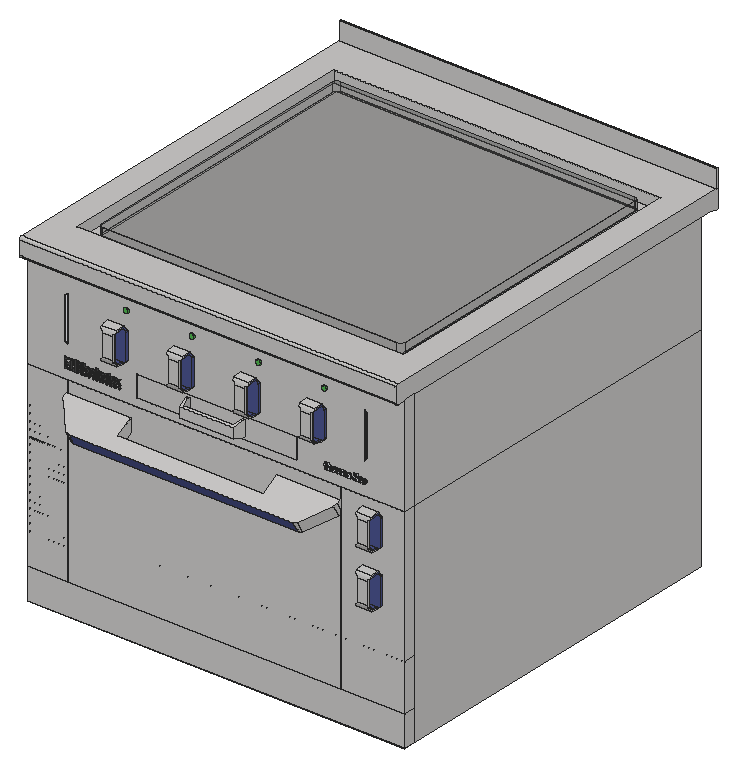
Revit family "QF_ELECTROLUXPROFESSIONAL_588694_MBLLGBH8AO", category Attrezzature speciali, Revit 2020
Family settings
  Quota connettore circolare = Usa diametro
  Tipo di parte = Normale
  Basato su piano di lavoro = No
  Sempre verticale = Sì
  Taglio con vuoti quando caricato = No
  Condiviso = No
  Punto di calcolo locali = No
Parameters (values of type "Standard")
  Weight = 223.00 kg
  Watts = 17300 W
  Volts = 400 V
  URL Manufacturer = "https://www.electroluxprofessional.com/"
  URL = "https://www.electroluxprofessional.com/"
  Steam Supply Size = 0"
  Steam Supply Minimum Pressure = 0.00 psi
  Steam Supply Maximum Pressure = 0.00 psi
  Steam Consumption per Hour = 0
  Refrigeration Suction Line Size = 0 mm
  Refrigeration Liquid Line Size = 0 mm
  Refrigerant Compressor Remote = yes
  Prospetto di default = 0 mm
  Phase = 3
  Modello = "MBLLGBH8AO"
  Produttore = "Electrolux Professional"
  Length Actual = 800 mm  # constant formula
  Item Number = "588694"
  Hot Water Size = 0"
  Height Actual = 700 mm  # constant formula
  HP = "23.2 HP"
  Gas Size = 0"
  Gas KW = 0
  Gas Input Pressure = 0.0 Btu/h
  Direct Waste Size = 0"
  Descrizione = "EL.SOLID TOP,ST.OVEN,1S,BS,800X850X700H"
  Depth Actual = 850 mm  # constant formula
  Cycle = 50 Hz
  Condensate Return Size = 0"
  Compressed Air Volume = 0 GPM
  Compressed Air Size = 0"
  Compressed Air Pressure = 0.00 psi
  Cold Water Size = 0"
  Accessory = yes
Reference planes
  plane 1 "BACK": y = 50
  plane 2: z = 0
  plane 3 "LEFT": x = 0
  plane 4 "RIGHT": x = 800
  plane 5 "FRONT": y = -800
  plane 6 "TOP": z = 900
  plane 7 "Center (Left/Right)": x = 400
  plane 8: y = -375
  plane 9: z = 200
  plane 10: y = -150
  plane 11 "Panel": y = -755
  plane 12: z = 798
  plane 13: z = 1327
  plane 14: x = 78
  plane 15: x = 722
  plane 16: y = -100
  plane 17: y = -600
  plane 18 "EIx": x = 755
  plane 19 "EIy": y = -585
Forms (mm)
  Extrusion 1, solid, material "QF_Finishes_Stainless Steel"
    sketch origin (-178.969, -4572, 200) x (-1, 0, 0) y (0, -1, 0)
      loop
        line (-178.969, -4577) -> (-178.969, -3817) -> (-978.969, -3817) -> (-978.969, -4577) -> (-178.969, -4577)
    from 450 to 662.969
  Extrusion 2, solid, material "QF_Finishes_Stainless Steel"
    sketch origin (0, 0, 0) x (0, 1, 0) y (0, 0, 1)
      loop
        line (-755, 200) -> (-755, 365) -> (-780, 365) -> (-780, 200) -> (-755, 200)
    from 0 to 800
  Extrusion 3, solid, material "QF_Finishes_Stainless Steel"
    sketch origin (-588.969, -4562, 200) x (-1, 0, 0) y (0, -1, 0)
      loop
        circle (-1343.969, -3977) r 6.35
    from 0 to -11.851
  Extrusion 4, solid, material "QF_Finishes_Stainless Steel"
    sketch origin (400, 296.4, 1219.2) x (0, 1, 0) y (0, 0, 1)
      loop
        line (-246.4, -319.2) -> (-1091.4, -319.2)
        arc (-1091.4, -319.2) -> (-1094.935, -320.664) -> (-1096.4, -324.2) r 5
        line (-1096.4, -324.2) -> (-1096.4, -355.2)
        arc (-1096.4, -355.2) -> (-1094.971, -358.264) -> (-1091.705, -359.139) r 4
        line (-1091.705, -359.139) -> (-1076.4, -356.231) -> (-266.4, -356.231) -> (-251.094, -359.139)
        arc (-251.094, -359.139) -> (-247.829, -358.264) -> (-246.4, -355.2) r 4
        line (-246.4, -355.2) -> (-246.4, -319.2)
    from -400 to 400
  Extrusion 5, solid, material "QF_Finishes_Electrolux_Black Smoke Iluminated"
    sketch origin (0, 0, 900) x (-1, 0, 0) y (0, -1, 0)
      loop
        arc (-88, 59) -> (-80.929, 61.929) -> (-78, 69) r 10
        line (-78, 69) -> (-78, 680)
        arc (-78, 680) -> (-80.929, 687.071) -> (-88, 690) r 10
        line (-88, 690) -> (-712, 690)
        arc (-712, 690) -> (-719.071, 687.071) -> (-722, 680) r 10
        line (-722, 680) -> (-722, 69)
        arc (-722, 69) -> (-719.071, 61.929) -> (-712, 59) r 10
        line (-712, 59) -> (-88, 59)
    from 0 to -20
  Extrusion 6, solid, material "QF_Finishes_Stainless Steel"
    sketch origin (-178.969, -4572, 200) x (-1, 0, 0) y (0, -1, 0)
      loop
        line (-178.969, -4577) -> (-178.969, -3817) -> (-978.969, -3817) -> (-978.969, -4577) -> (-178.969, -4577)
    from 450 to 0
  Extrusion 7, void
    sketch origin (0, 0, 900) x (-1, 0, 0) y (0, -1, 0)
      loop
        line (-53, 715) -> (-747, 715) -> (-747, 34) -> (-53, 34) -> (-53, 715)
    from 0 to -25
  Extrusion 8, solid, material "QF_Finishes_Stainless Steel"
    sketch origin (0, 0, 900) x (-1, 0, 0) y (0, -1, 0)
      loop
        line (-82, 63) -> (-82, 686) -> (-718, 686) -> (-718, 63) -> (-82, 63)
    from -20 to -25
  Extrusion 9, solid, material "QF_Finishes_Stainless Steel"
    sketch origin (400, 296.4, 1219.2) x (0, 1, 0) y (0, 0, 1)
      loop
        line (-249.4, -319.2) -> (-246.4, -319.2) -> (-246.4, -281.2) -> (-249.4, -281.2) -> (-249.4, -319.2)
    from -400 to 400
  Extrusion 10, solid, material "QF_Finishes_Stainless Steel"
    sketch origin (0, 0, 150) x (0, 1, 0) y (0, 0, 1)
      loop
        line (-755, 50) -> (-755, 115) -> (-780, 115) -> (-780, 50) -> (-755, 50)
    from 0 to 800
Cuts and joins
  Extrusion 7 cuts Extrusion 4
Lines and regions (mm)
  symbolic lines
    curve 1: line (0, 50, 200) -> (800, 50, 200)
    curve 2: line (0, -800, 200) -> (0, 50, 200)
    curve 3: line (800, -800, 200) -> (0, -800, 200)
    curve 4: line (800, 50, 200) -> (800, -800, 200)
    curve 5: line (712, -59, 200) -> (88, -59, 200)
    curve 6: line (78, -69, 200) -> (78, -680, 200)
    curve 7: line (88, -690, 200) -> (712, -690, 200)
    curve 8: line (722, -680, 200) -> (722, -69, 200)
    curve 9: arc (88, -59, 200) -> (80.929, -61.929, 200) -> (78, -69, 200) r 10
    curve 10: arc (722, -69, 200) -> (719.071, -61.929, 200) -> (712, -59, 200) r 10
    curve 11: arc (712, -690, 200) -> (719.071, -687.071, 200) -> (722, -680, 200) r 10
    curve 12: arc (78, -680, 200) -> (80.929, -687.071, 200) -> (88, -690, 200) r 10
    curve 13: line (747, -34, 900) -> (53, -34, 900)
    curve 14: line (53, -34, 900) -> (53, -715, 900)
    curve 15: line (747, -715, 900) -> (747, -34, 900)
    curve 16: line (53, -715, 900) -> (747, -715, 900)
    curve 33: line (0, 47, 0) -> (800, 47, 0)
  model lines, style "SpecialityEquipment"
    curve 17: arc (584, -161, 900) -> (530.967, -289.033, 900) -> (659, -236, 900) r 75
    curve 18: line (639, -236, 900) -> (679, -236, 900)
    curve 19: line (679, -236, 900) -> (659, -216, 900)
    curve 20: line (639, -236, 900) -> (659, -216, 900)
    curve 21: arc (216, -161, 900) -> (162.967, -289.033, 900) -> (291, -236, 900) r 75
    curve 22: line (271, -236, 900) -> (311, -236, 900)
    curve 23: line (311, -236, 900) -> (291, -216, 900)
    curve 24: line (271, -236, 900) -> (291, -216, 900)
    curve 25: arc (584, -489, 900) -> (530.967, -617.033, 900) -> (659, -564, 900) r 75
    curve 26: line (639, -564, 900) -> (679, -564, 900)
    curve 27: line (679, -564, 900) -> (659, -544, 900)
    curve 28: line (639, -564, 900) -> (659, -544, 900)
    curve 29: arc (216, -489, 900) -> (162.967, -617.033, 900) -> (291, -564, 900) r 75
    curve 30: line (271, -564, 900) -> (311, -564, 900)
    curve 31: line (311, -564, 900) -> (291, -544, 900)
    curve 32: line (271, -564, 900) -> (291, -544, 900)
Dimensions and locks
  plane 3 "LEFT" to plane 4 "RIGHT" = 800 mm
  plane 5 "FRONT" to plane 1 "BACK" = 850 mm
  equal spacing: plane 3 "LEFT", plane 7 "Center (Left/Right)", plane 4 "RIGHT"
  equal spacing: plane 5 "FRONT", plane 8, plane 1 "BACK"
  plane 6 "TOP" to level = 900 mm  (x2)
  plane 9 to level = 200 mm
  plane 1 "BACK" to plane 10 to plane 11 "Panel" = 200 mm, 605 mm  (x2)
  plane 6 "TOP" to plane 9 to level = 700 mm, 200 mm
  plane 1 "BACK" to plane 5 "FRONT" = 850 mm
  plane 1 "BACK" to Extrusion 3 = 635 mm
  plane 12 to plane 9 = 598 mm
  plane 13 to plane 6 "TOP" = 427 mm
  plane 6 "TOP" to plane 12 = 102 mm
  plane 14 to plane 3 "LEFT" = 78 mm
  plane 15 to plane 4 "RIGHT" = 78 mm
  locked: plane 1 "BACK" to plane 16 at 150
  locked: plane 16 to plane 17 at 500
  plane 11 "Panel" to plane 5 "FRONT" = 45 mm
  plane 18 "EIx" to plane 4 "RIGHT" = 45 mm
  plane 19 "EIy" to plane 1 "BACK" = 635 mm
  aligned and locked: level to plane 2
  aligned and locked: Extrusion 2 to plane 4 "RIGHT"
  aligned and locked: plane 3 "LEFT" to nested 1
  aligned and locked: nested 1 to nested 4
Automatic sketch dimensions
  Extrusion 3 sketch curve to plane 18 "EIx" = 0 mm
  Extrusion 3 sketch curve to plane 19 "EIy" = 0 mm
  Extrusion 4 sketch curve to plane 5 "FRONT" = 0 mm
  Extrusion 4 sketch curve to plane 6 "TOP" = 0 mm
  Extrusion 4 sketch curve to plane 1 "BACK" = 0 mm
  Extrusion 4 sketch curve to plane 5 "FRONT" = 4 mm
  Extrusion 4 sketch curve to Extrusion 4 sketch curve = 0.695 mm
  Extrusion 4 sketch curve to plane 5 "FRONT" = 5 mm
  Extrusion 4 sketch curve to Extrusion 4 sketch curve = 15.305 mm
  plane 1 "BACK" to Extrusion 4 sketch curve = 20 mm
  plane 1 "BACK" to Extrusion 4 sketch curve = 4.695 mm
  Extrusion 4 sketch curve to Extrusion 4 sketch curve = 4 mm
  Extrusion 4 sketch curve to Extrusion 4 sketch curve = 31 mm
  Extrusion 4 sketch curve to plane 6 "TOP" = 36 mm
  Extrusion 4 sketch curve to Extrusion 4 sketch curve = 2.909 mm
  Extrusion 5 sketch curve to plane 15 = 0 mm
  Extrusion 5 sketch curve to plane 14 = 0 mm
  plane 15 to Extrusion 5 sketch curve = 10 mm  (x2)
  Extrusion 5 sketch curve to Extrusion 5 sketch curve = 10 mm  (x2)
  plane 10 to Extrusion 5 sketch curve = 91 mm
  plane 17 to Extrusion 5 sketch curve = 80 mm
  plane 18 "EIx" to Extrusion 7 sketch curve = 8 mm
  plane 14 to Extrusion 7 sketch curve = 25 mm
  plane 10 to Extrusion 7 sketch curve = 116 mm
  plane 11 "Panel" to Extrusion 7 sketch curve = 40 mm
  Extrusion 8 sketch curve to plane 14 = 4 mm
  plane 15 to Extrusion 8 sketch curve = 4 mm
  plane 17 to Extrusion 8 sketch curve = 86 mm
  plane 10 to Extrusion 8 sketch curve = 87 mm
  curve 20 to curve 17 = 55 mm
  curve 26 to curve 25 = 55 mm
  curve 19 to curve 18 = 20 mm
  curve 26 to curve 27 = 20 mm
  curve 18 to curve 19 = 20 mm
  plane 18 "EIx" to curve 13 = 8 mm
  curve 31 to plane 7 "Center (Left/Right)" = 89 mm
  curve 23 to plane 7 "Center (Left/Right)" = 89 mm
  curve 22 to curve 24 = 20 mm
  curve 30 to curve 31 = 20 mm
  curve 23 to curve 22 = 20 mm
  curve 31 to curve 30 = 20 mm
  curve 22 to curve 21 = 55 mm
  curve 30 to curve 29 = 55 mm
  plane 14 to curve 14 = 25 mm
  plane 10 to curve 13 = 116 mm
  plane 11 "Panel" to curve 16 = 40 mm
  curve 29 to curve 30 = 20 mm
  curve 27 to curve 26 = 40 mm
  curve 25 to curve 26 = 20 mm
  plane 15 to curve 19 = 43 mm
  curve 17 to curve 18 = 20 mm
  curve 21 to curve 22 = 20 mm
  Extrusion 9 sketch curve to plane 6 "TOP" = 0 mm
  Extrusion 9 sketch curve to plane 1 "BACK" = 0 mm
  Extrusion 9 sketch curve to Extrusion 9 sketch curve = 3 mm
  Extrusion 9 sketch curve to Extrusion 9 sketch curve = 38 mm
  plane 19 "EIy" to curve 27 = 21 mm
  plane 15 to curve 27 = 43 mm
  curve 23 to plane 10 = 66 mm
  curve 19 to plane 10 = 66 mm
  plane 19 "EIy" to curve 32 = 41 mm
  Extrusion 1 sketch curve to plane 4 "RIGHT" = 0 mm
  Extrusion 1 sketch curve to plane 3 "LEFT" = 0 mm
  Extrusion 1 sketch curve to plane 11 "Panel" = 0 mm
  plane 1 "BACK" to Extrusion 1 sketch curve = 45 mm
  Extrusion 2 sketch curve to plane 9 = 0 mm
  Extrusion 2 sketch curve to plane 11 "Panel" = 0 mm
  Extrusion 2 sketch curve to plane 5 "FRONT" = 20 mm
  plane 9 to Extrusion 2 sketch curve = 165 mm
  plane 1 "BACK" to curve 1 = 0 mm
  curve 1 to plane 4 "RIGHT" = 0 mm
  curve 8 to plane 15 = 0 mm
  curve 6 to plane 14 = 0 mm
  curve 2 to plane 3 "LEFT" = 0 mm
  plane 5 "FRONT" to curve 3 = 0 mm
  plane 15 to curve 5 = 10 mm
  curve 11 to curve 11 = 10 mm
  curve 5 to plane 14 = 10 mm
  curve 12 to curve 6 = 10 mm
  plane 10 to curve 5 = 91 mm
  plane 17 to curve 11 = 80 mm
  Extrusion 6 sketch curve to plane 4 "RIGHT" = 0 mm
  Extrusion 6 sketch curve to plane 3 "LEFT" = 0 mm
  Extrusion 6 sketch curve to plane 11 "Panel" = 0 mm
  plane 1 "BACK" to Extrusion 6 sketch curve = 45 mm
  Extrusion 10 sketch curve to plane 11 "Panel" = 0 mm
  Extrusion 10 sketch curve to plane 5 "FRONT" = 20 mm
  plane 9 to Extrusion 10 sketch curve = 0 mm
  Extrusion 10 sketch curve to Extrusion 10 sketch curve = 65 mm
  radius of Extrusion 3 sketch curve = 6.35 mm
Nested families
  nested 1: "Door_Panel_W800_Fori" at (300, -755, 0), type "Door_Panel_W800_Fori"
  nested 2: "FIT Range Control Handle" at (730, -783.167, -372.751), type "FIT Range Control Handle"
  nested 3: "FIT Range Control Handle" at (730, -783.167, -484.751), type "FIT Range Control Handle"
  nested 4: "Front_Panel_W800_Four Knobs_Spie" at (202.376, -755, 0), type "Front_Panel_W800_Four Knobs_Spie"
Connectors
  electrical at (755, -585, 188.149)
    settings: on Extrusion 3, index 1, voltage 400 V, apparent load 33000 VA, apparent load phase1 0 VA, apparent load phase2 0 VA, apparent load phase3 0 VA, power factor 1, load classification "Other", number of poles 1, system type 30, power factor state 1, is connector primary yes, connector utility no, sub classification motor no, connector description "ELECTRICAL CONNECTION"
Definition of nested family "Door_Panel_W800_Fori"
  Parameters
    Default Elevation = 0 mm
  Reference planes
    plane 1 "Center (Front/Back)": y = 0
    plane 2 "Ref. Level": z = 0
    plane 3: x = 500
    plane 4: x = -300
    plane 5 "Center (Left/Right)": x = 100
    plane 6: x = -215
    plane 7: x = 365
    plane 8 "Manopola": through (-6096, -50.059, 612.389) normal (0, -0.515, 0.8572)
    plane 9 "Top": z = 650
    plane 10: z = 265
    plane 11: z = 200
  Forms (mm)
    Extrusion 1, solid
      sketch origin (100, 0, 0) x (0, 1, 0) y (0, 0, 1)
        loop
          line (-25.03, 650) -> (-25.03, 265) -> (0, 265) -> (0, 650) -> (-25.03, 650)
      from 265 to 400
    Extrusion 2, solid
      sketch origin (100, 0, 0) x (0, 1, 0) y (0, 0, 1)
        loop
          line (-25.03, 650) -> (-25.03, 265) -> (0, 265) -> (0, 650) -> (-25.03, 650)
      from -400 to -315
    Extrusion 3, solid
      sketch origin (100, 0, 0) x (0, 1, 0) y (0, 0, 1)
        loop
          line (-25.03, 650) -> (-25.03, 265) -> (0, 265) -> (0, 650) -> (-25.03, 650)
      from -315 to 265
    Extrusion 4, solid
      sketch origin (0, -283.633, 472.044) x (0, 0.857167, 0.515038) y (-1, 0, 0)
        loop
          line (299.12, -365) -> (299.12, 215) -> (290.982, 215)
          arc (290.982, 215) -> (286.677, 214.026) -> (283.211, 211.293) r 10
          line (283.211, 211.293) -> (233.28, 170.86)
          arc (233.28, 170.86) -> (230.548, 167.394) -> (229.574, 163.089) r 10
          line (229.574, 163.089) -> (229.574, -313.089)
          arc (229.574, -313.089) -> (230.548, -317.394) -> (233.28, -320.86) r 10
          line (233.28, -320.86) -> (283.211, -361.293)
          arc (283.211, -361.293) -> (286.677, -364.026) -> (290.982, -365) r 10
          line (290.982, -365) -> (299.12, -365)
      from -27 to 0
    Extrusion 5, void
      sketch origin (100, 0, 0) x (0, 1, 0) y (0, 0, 1)
        loop
          line (-61.514, 605.507) -> (-47.608, 582.363) -> (-25.03, 595.93) -> (-25.03, 627.429) -> (-61.514, 605.507)
      from -180 to 130
    Extrusion 6, solid, detail levels coarse
      sketch origin (100, 0, 0) x (0, 1, 0) y (0, 0, 1)
        loop
          line (-25.03, 265) -> (-25.03, 650)
          arc (-25.03, 650) -> (-297.266, 537.236) -> (-410.03, 265) r 385
          line (-410.03, 265) -> (-25.03, 265)
      from -315 to 265
    Extrusion 7, void
      sketch origin (0, 0, 0) x (1, 0, 0) y (0, 0, 1)
        loop
          line (-295, 573.713) -> (-295, 571.713) -> (-222, 571.713) -> (-222, 573.713) -> (-295, 573.713)
        loop
          line (-295, 558.713) -> (-295, 556.713) -> (-222, 556.713) -> (-222, 558.713) -> (-295, 558.713)
        loop
          line (-295, 543.713) -> (-295, 541.713) -> (-222, 541.713) -> (-222, 543.713) -> (-295, 543.713)
        loop
          line (-295, 528.713) -> (-295, 526.713) -> (-222, 526.713) -> (-222, 528.713) -> (-295, 528.713)
        loop
          line (-295, 513.713) -> (-295, 511.713) -> (-222, 511.713) -> (-222, 513.713) -> (-295, 513.713)
        loop
          line (-295, 498.713) -> (-295, 496.713) -> (-222, 496.713) -> (-222, 498.713) -> (-295, 498.713)
        loop
          line (-295, 483.713) -> (-295, 481.713) -> (-222, 481.713) -> (-222, 483.713) -> (-295, 483.713)
        loop
          line (-295, 468.713) -> (-295, 466.713) -> (-222, 466.713) -> (-222, 468.713) -> (-295, 468.713)
        loop
          line (-295, 453.713) -> (-295, 451.713) -> (-222, 451.713) -> (-222, 453.713) -> (-295, 453.713)
        loop
          line (-295, 438.713) -> (-295, 436.713) -> (-222, 436.713) -> (-222, 438.713) -> (-295, 438.713)
        loop
          line (-295, 423.713) -> (-295, 421.713) -> (-222, 421.713) -> (-222, 423.713) -> (-295, 423.713)
        loop
          line (-295, 408.713) -> (-295, 406.713) -> (-222, 406.713) -> (-222, 408.713) -> (-295, 408.713)
        loop
          line (-295, 393.713) -> (-295, 391.713) -> (-222, 391.713) -> (-222, 393.713) -> (-295, 393.713)
        loop
          line (-295, 378.713) -> (-295, 376.713) -> (-222, 376.713) -> (-222, 378.713) -> (-295, 378.713)
        loop
          line (-295, 363.713) -> (-295, 361.713) -> (-222, 361.713) -> (-222, 363.713) -> (-295, 363.713)
        loop
          line (-295, 348.713) -> (-295, 346.713) -> (-222, 346.713) -> (-222, 348.713) -> (-295, 348.713)
        loop
          line (-295, 333.713) -> (-295, 331.713) -> (-222, 331.713) -> (-222, 333.713) -> (-295, 333.713)
      from 25.03 to 20
  Cuts and joins
    Extrusion 5 cuts Extrusion 4
    joined: Extrusion 3, Extrusion 4
    Extrusion 7 cuts Extrusion 2
  Lines and regions (mm)
    symbolic lines
      curve 1: line (-207.355, -45.043, 0) -> (-170.86, -83.673, 0)
      curve 2: line (-163.089, -86.85, 0) -> (313.089, -86.85, 0)
      curve 3: line (320.86, -83.673, 0) -> (357.355, -45.043, 0)
      curve 4: arc (-163.089, -86.85, 0) -> (-167.318, -86.101, 0) -> (-170.86, -83.673, 0) r 10.165
      curve 5: arc (313.089, -86.85, 0) -> (317.318, -86.101, 0) -> (320.86, -83.673, 0) r 10.165
      curve 6: line (-215, -45.043, 0) -> (-215, -410.03, 0)
      curve 7: line (-215, -410.03, 0) -> (365, -410.03, 0)
      curve 8: line (365, -410.03, 0) -> (365, -45.03, 0)
  Dimensions and locks
    plane 3 to plane 4 = 800 mm
    plane 4 to plane 3 = 800 mm
    equal spacing: plane 3, plane 5 "Center (Left/Right)", plane 4
    plane 6 to plane 4 = 85 mm
    plane 3 to plane 7 = 135 mm
    plane 11 to level = 200 mm
    plane 10 to plane 11 = 65 mm
    plane 10 to plane 9 "Top" = 385 mm
    plane 9 "Top" to plane 11 = 450 mm
    aligned and locked: plane 3 to Extrusion 1
    aligned and locked: cut or joined group of Extrusion 3, Extrusion 4, Extrusion 5 to plane 6
    aligned and locked: cut or joined group of Extrusion 3, Extrusion 4, Extrusion 5 to plane 7
    aligned and locked: plane 7 to Extrusion 1
    aligned and locked: plane 6 to Extrusion 2
    aligned and locked: Extrusion 2 to plane 4
    aligned and locked: plane 10 to Extrusion 2
    aligned and locked: plane 10 to cut or joined group of Extrusion 3, Extrusion 4, Extrusion 5
    aligned and locked: plane 10 to Extrusion 1
    aligned and locked: Extrusion 6 to plane 6
    aligned and locked: Extrusion 6 to plane 7
  Automatic sketch dimensions
    Extrusion 5 sketch curve to plane 8 "Manopola" = 0 mm  (x2)
    plane 1 "Center (Front/Back)" to Extrusion 5 sketch curve = 61.514 mm
    Extrusion 5 sketch curve to Extrusion 5 sketch curve = 13.906 mm
    plane 1 "Center (Front/Back)" to Extrusion 5 sketch curve = 25.03 mm
    Extrusion 4 sketch curve to plane 7 = 0 mm
    Extrusion 4 sketch curve to plane 6 = 0 mm
    plane 6 to Extrusion 4 sketch curve = 51.911 mm
    plane 7 to Extrusion 4 sketch curve = 44.14 mm
    Extrusion 4 sketch curve to Extrusion 4 sketch curve = 3.707 mm  (x2)
    plane 6 to Extrusion 4 sketch curve = 44.14 mm
    plane 7 to Extrusion 4 sketch curve = 3.707 mm
    Extrusion 4 sketch curve to Extrusion 4 sketch curve = 49.93 mm  (x2)
    plane 6 to Extrusion 4 sketch curve = 3.707 mm
    Extrusion 4 sketch curve to Extrusion 4 sketch curve = 7.771 mm  (x3)
    Extrusion 4 sketch curve to Extrusion 4 sketch curve = 8.138 mm
    Extrusion 2 sketch curve to plane 1 "Center (Front/Back)" = 0 mm
    Extrusion 3 sketch curve to plane 1 "Center (Front/Back)" = 0 mm
    Extrusion 1 sketch curve to plane 1 "Center (Front/Back)" = 0 mm
    Extrusion 2 sketch curve to plane 9 "Top" = 0 mm
    Extrusion 2 sketch curve to Extrusion 2 sketch curve = 25.03 mm
    Extrusion 3 sketch curve to plane 9 "Top" = 0 mm
    Extrusion 3 sketch curve to Extrusion 3 sketch curve = 25.03 mm
    Extrusion 1 sketch curve to plane 9 "Top" = 0 mm
    plane 1 "Center (Front/Back)" to Extrusion 1 sketch curve = 25.03 mm
    level to Extrusion 1 sketch curve = 265 mm
    level to Extrusion 2 sketch curve = 265 mm
    level to Extrusion 3 sketch curve = 265 mm
    plane 10 to Extrusion 6 sketch curve = 0 mm
    Extrusion 6 sketch curve to plane 9 "Top" = 0 mm
    plane 1 "Center (Front/Back)" to Extrusion 6 sketch curve = 25.03 mm
    curve 7 to plane 7 = 0 mm
    plane 6 to curve 1 = 44.14 mm
    curve 4 to curve 4 = 7.389 mm
    curve 4 to curve 2 = 7.771 mm
    plane 7 to curve 2 = 51.911 mm
    curve 2 to curve 5 = 0.382 mm
    curve 2 to curve 3 = 7.771 mm
    plane 1 "Center (Front/Back)" to curve 6 = 410.03 mm
    plane 1 "Center (Front/Back)" to curve 2 = 86.85 mm
    curve 2 to curve 3 = 3.177 mm
    curve 2 to curve 1 = 3.177 mm
    plane 7 to curve 3 = 7.645 mm
    plane 1 "Center (Front/Back)" to curve 3 = 45.043 mm
    curve 3 to curve 8 = 0.013 mm
    curve 7 to plane 6 = 0 mm
    curve 6 to curve 1 = 7.645 mm
    plane 1 "Center (Front/Back)" to curve 1 = 45.043 mm
    curve 6 to curve 1 = 0 mm
    plane 4 to Extrusion 7 sketch curve = 5 mm  (x17)
    Extrusion 7 sketch curve to plane 6 = 7 mm  (x17)
    Extrusion 7 sketch curve to plane 10 = 66.713 mm
    Extrusion 7 sketch curve to Extrusion 7 sketch curve = 2 mm  (x17)
    Extrusion 7 sketch curve to Extrusion 7 sketch curve = 13 mm  (x16)
Definition of nested family "FIT Range Control Handle"
  Parameters
    Default Elevation = 0 mm
  Reference planes
    plane 1 "Center (Front/Back)": y = 0
    plane 2: z = 0
    plane 3 "Center (Left/Right)": x = 0
    plane 4: z = 971.092
    plane 5: y = -16.8
  Forms (mm)
    Extrusion 1, solid
      sketch origin (-746.28, 380.497, 208.931) x (-1, 0, 0) y (0, 0, 1)
        loop
          line (-770.101, 786.798) -> (-770.101, 731.649)
          arc (-770.101, 731.649) -> (-769.759, 730.563) -> (-768.855, 729.87) r 1.893
          line (-768.855, 729.87) -> (-763.474, 727.911) -> (-729.81, 727.911) -> (-724.428, 729.87)
          arc (-724.428, 729.87) -> (-723.525, 730.563) -> (-723.183, 731.649) r 1.893
          line (-723.183, 731.649) -> (-723.183, 786.798)
          arc (-723.183, 786.798) -> (-723.529, 787.894) -> (-724.44, 788.593) r 1.91
          line (-724.44, 788.593) -> (-729.683, 790.819) -> (-763.601, 790.819) -> (-768.844, 788.593)
          arc (-768.844, 788.593) -> (-769.755, 787.894) -> (-770.101, 786.798) r 1.91
      from -382.35 to -378.852
    Sweep 2, solid
      path origin (-746.788, 380.496, 208.091) x (0, -1, 0) y (0, 0, 1)
        loop
          line (379.775, 793.281) -> (395.661, 791.048)
          arc (395.661, 791.048) -> (397.781, 787.377) -> (398.517, 783.202) r 12.207
          line (398.517, 783.202) -> (398.517, 737.368)
          arc (398.517, 737.368) -> (397.781, 733.193) -> (395.661, 729.522) r 12.207
          line (395.661, 729.522) -> (379.775, 727.289)
      profile origin (-746.788, -7.222, 1000.256) x (0, -0.139173, 0.990268) y (-1, 0, 0)
        loop
          line (0.782, -763.123) -> (0.782, -730.907) -> (-1.322, -730.907) -> (-1.322, -763.123) -> (0.782, -763.123)
    Sweep 3, solid
      path origin (-746.788, 380.715, 207.832) x (0, -1, 0) y (0, 0, 1)
        loop
          line (380.478, 795.442) -> (397.218, 793.09)
          arc (397.218, 793.09) -> (399.929, 788.473) -> (400.871, 783.202) r 15.207
          line (400.871, 783.202) -> (400.871, 737.584)
          arc (400.871, 737.584) -> (399.914, 732.274) -> (397.164, 727.633) r 15.207
          line (397.164, 727.633) -> (380.601, 725.305)
      profile origin (-746.788, -8.132, 1002.099) x (0, -0.139173, 0.990268) y (-1, 0, 0)
        loop
          line (0.782, -763.123) -> (0.782, -730.907) -> (-1.322, -730.907) -> (-1.322, -763.123) -> (0.782, -763.123)
    Extrusion 4, void
      sketch origin (889.253, 220.666, 207.993) x (1, 0, 0) y (0, 0, 1)
        loop
          line (-943.038, 816.854) -> (-943.038, 703.686) -> (-899.466, 734.196) -> (-899.466, 786.344) -> (-943.038, 816.854)
      from 230.636 to 242.25
    Extrusion 5, void
      sketch origin (-888.8, 220.666, 207.993) x (-1, 0, 0) y (0, 0, -1)
        loop
          line (-943.038, -816.854) -> (-899.466, -786.344) -> (-899.466, -734.196) -> (-943.038, -703.686) -> (-943.038, -816.854)
      from 230.636 to 242.25
    Extrusion 6, solid
      sketch origin (0, 0, 0) x (1, 0, 0) y (0, 0, 1)
        loop
          circle (0, 971.092) r 7.736
      from -3.137 to -1.645
  Cuts and joins
    Extrusion 4, Extrusion 5 cuts Sweep 3
    Extrusion 4, Extrusion 5 cuts Sweep 2
    joined: Extrusion 1, Extrusion 6
  Lines and regions (mm)
    symbolic lines
      curve 1: line (-15.881, -19.189, 0) -> (-15.881, -16.8, 0)
      curve 2: line (16.334, -19.189, 0) -> (16.334, -16.8, 0)
      curve 3: spline (-15.881, -19.189, 0) -> (-15.417, -19.349, 0) -> (-14.951, -19.501, 0) -> (-14.483, -19.646, 0) -> (-14.014, -19.783, 0) -> (-13.543, -19.912, 0) -> (-13.071, -20.033, 0) -> (-12.597, -20.146, 0) -> (-12.122, -20.251, 0) -> (-11.646, -20.349, 0) -> (-11.169, -20.438, 0) -> (-10.691, -20.52, 0) -> (-10.213, -20.593, 0)
      curve 4: spline (10.666, -20.593, 0) -> (11.144, -20.52, 0) -> (11.622, -20.438, 0) -> (12.099, -20.349, 0) -> (12.575, -20.251, 0) -> (13.05, -20.146, 0) -> (13.524, -20.033, 0) -> (13.996, -19.912, 0) -> (14.467, -19.783, 0) -> (14.936, -19.646, 0) -> (15.404, -19.501, 0) -> (15.87, -19.349, 0) -> (16.334, -19.189, 0)
      curve 5: line (-10.213, -20.938, 0) -> (10.716, -20.938, 0)
  Dimensions and locks
    cut or joined group of Sweep 3, Extrusion 4, Extrusion 5 to cut or joined group of Sweep 3, Extrusion 4, Extrusion 5 = 71.686 mm
Definition of nested family "Front_Panel_W800_Four Knobs_Spie"
  Parameters
    Default Elevation = 0 mm
  Reference planes
    plane 1 "Center (Front/Back)": y = 0
    plane 2: z = 0
    plane 3 "Center (Left/Right)": x = 197.624
    plane 4 "Left": x = -202.376
    plane 5 "Right": x = 597.624
    plane 6: y = -45
    plane 7: x = -12.376
    plane 8: x = 127.624
    plane 9: y = -310
    plane 10 "Panel": y = -25
    plane 11: x = 517.624
    plane 12: x = -122.376
  Forms (mm)
    Extrusion 1, solid
      sketch origin (833.217, 829.203, -1.25) x (0, 1, 0) y (0, 0, 1)
        loop
          line (-854.203, 651.25) -> (-829.203, 651.25) -> (-829.203, 864.25) -> (-854.203, 864.25) -> (-854.203, 651.25)
      from -1035.593 to -235.593
    Extrusion 2, void
      sketch origin (0, -25, -10) x (0, 0, 1) y (-1, 0, 0)
        loop
          line (731.866, 122.376) -> (726.866, 117.376) -> (823.866, 117.376) -> (818.866, 122.376) -> (731.866, 122.376)
        loop
          line (731.866, -517.624) -> (818.866, -517.624) -> (823.866, -512.624) -> (726.866, -512.624) -> (731.866, -517.624)
      from 0 to -2
    Extrusion 3, void
      sketch origin (0, 0, 0) x (1, 0, 0) y (0, 0, 1)
        loop
          line (30.124, 711.866) -> (30.124, 666.866) -> (370.124, 666.866) -> (370.124, 711.866) -> (30.124, 711.866)
      from 19.387 to 25
    Extrusion 4, solid
      sketch origin (0, 0, 0) x (1, 0, 0) y (0, 0, 1)
        loop
          line (31.124, 710.866) -> (31.124, 667.866) -> (369.124, 667.866) -> (369.124, 710.866) -> (31.124, 710.866)
      from 19.387 to 25
    Extrusion 5, solid
      sketch origin (0, 0, 0) x (1, 0, 0) y (0, 1, 0)
        loop
          line (141.059, -25) -> (135.966, -25) -> (140.646, -49.075) -> (254.603, -49.075) -> (259.283, -25) -> (254.189, -25) -> (250.481, -44.075) -> (144.767, -44.075) -> (141.059, -25)
      from 672.593 to 705.67
    Extrusion 6, void
      sketch origin (197.624, 0, 0) x (0, 1, 0) y (0, 0, 1)
        loop
          line (-30, 705.67) -> (-30, 710.67) -> (-56.744, 710.67) -> (-56.744, 667.593) -> (-30, 667.593) -> (-30, 672.593) -> (-53.776, 680.318) -> (-53.776, 697.945) -> (-30, 705.67)
      from -70 to 70
    Extrusion 7, solid, detail levels coarse
      sketch origin (0, -265, 0) x (1, 0, 0) y (0, 1, 0)
        loop
          line (140.646, -69.075) -> (254.603, -69.075) -> (259.283, -45) -> (364.124, -45) -> (364.124, 240) -> (31.124, 240) -> (31.124, -45) -> (135.966, -45) -> (140.646, -69.075)
      from 672.593 to 705.67
    Extrusion 8, void
      sketch origin (197.624, -280, 0) x (0, 1, 0) y (0, 0, 1)
        loop
          line (-30, 705.67) -> (-30, 710.67) -> (-56.744, 710.67) -> (-56.744, 667.593) -> (-30, 667.593) -> (-30, 672.593) -> (-53.776, 680.318) -> (-53.776, 697.945) -> (-30, 705.67)
      from -70 to 70
    Extrusion 9, solid
      sketch origin (20, -25, 1.163) x (0, 0, 1) y (-1, 0, 0)
        loop
          circle (824.337, 12.376) r 5
      from 0 to 1.7
    Extrusion 10, solid
      sketch origin (160, -25, 1.163) x (0, 0, 1) y (-1, 0, 0)
        loop
          circle (824.337, 12.376) r 5
      from 0 to 1.7
    Extrusion 11, solid
      sketch origin (300.724, -25, 1.163) x (0, 0, 1) y (-1, 0, 0)
        loop
          circle (824.337, 12.376) r 5
      from 0 to 1.7
    Extrusion 12, solid
      sketch origin (440.724, -25, 1.163) x (0, 0, 1) y (-1, 0, 0)
        loop
          circle (824.337, 12.376) r 5
      from 0 to 1.7
    Extrusion 13, solid
      sketch origin (0, -25, -10) x (0, 0, 1) y (-1, 0, 0)
        loop
          line (731.866, 122.376) -> (726.866, 117.376) -> (823.866, 117.376) -> (818.866, 122.376) -> (731.866, 122.376)
        loop
          line (726.866, -512.624) -> (731.866, -517.624) -> (818.866, -517.624) -> (823.866, -512.624) -> (726.866, -512.624)
      from 0 to -2
  Cuts and joins
    Extrusion 2, Extrusion 3 cuts Extrusion 1
    Extrusion 6, Extrusion 8 cuts Extrusion 5
    Extrusion 8 cuts Extrusion 7
  Lines and regions (mm)
    symbolic lines
      curve 1: line (31.124, -45, 0) -> (31.124, -310, 0)
      curve 2: line (31.124, -310, 0) -> (364.124, -310, 0)
      curve 3: line (135.966, -310, 0) -> (140.646, -334.075, 0)
      curve 4: line (140.646, -334.075, 0) -> (254.603, -334.075, 0)
      curve 5: line (254.603, -334.075, 0) -> (259.283, -310, 0)
      curve 6: line (364.124, -310, 0) -> (364.124, -45, 0)
      curve 7: line (31.124, -300, 0) -> (364.124, -300, 0)
      curve 8: line (140.874, -309.046, 0) -> (144.767, -329.075, 0)
      curve 9: line (144.767, -329.075, 0) -> (250.481, -329.075, 0)
      curve 10: line (250.481, -329.075, 0) -> (254.375, -309.046, 0)
  Dimensions and locks
    equal spacing: plane 5 "Right", plane 3 "Center (Left/Right)", plane 4 "Left"
    plane 5 "Right" to plane 4 "Left" = 800 mm
    plane 3 "Center (Left/Right)" to plane 7 = 210 mm
    plane 3 "Center (Left/Right)" to plane 8 = 70 mm
    plane 6 to plane 9 = 265 mm
    aligned and locked: cut or joined group of Extrusion 1, Extrusion 2, Extrusion 3 to plane 4 "Left"
    aligned and locked: plane 5 "Right" to cut or joined group of Extrusion 1, Extrusion 2, Extrusion 3
  Automatic sketch dimensions
    plane 6 to curve 1 = 0 mm
    curve 1 to plane 9 = 0 mm
    plane 6 to curve 6 = 0 mm
    plane 7 to curve 1 = 43.5 mm
    plane 8 to curve 3 = 13.021 mm
    curve 3 to curve 8 = 4.122 mm
    curve 10 to plane 9 = 19.075 mm
    plane 3 "Center (Left/Right)" to curve 10 = 52.857 mm
    curve 5 to plane 9 = 24.075 mm
    curve 9 to curve 5 = 4.122 mm
    curve 4 to curve 2 = 109.521 mm
    plane 8 to curve 3 = 8.342 mm
    plane 9 to curve 8 = 0.954 mm
    curve 3 to curve 8 = 4.908 mm
    plane 9 to curve 10 = 0.954 mm
    curve 9 to curve 10 = 3.893 mm
    curve 10 to curve 5 = 4.908 mm
    plane 9 to curve 7 = 10 mm
    Extrusion 1 sketch curve to plane 10 "Panel" = 0 mm
    Extrusion 1 sketch curve to plane 1 "Center (Front/Back)" = 0 mm
    Extrusion 2 sketch curve to plane 12 = 0 mm
    Extrusion 2 sketch curve to plane 11 = 0 mm
    Extrusion 2 sketch curve to plane 11 = 5 mm
    plane 12 to Extrusion 2 sketch curve = 5 mm
    Extrusion 2 sketch curve to Extrusion 2 sketch curve = 5 mm  (x4)
    plane 7 to Extrusion 3 sketch curve = 42.5 mm
    Extrusion 3 sketch curve to plane 11 = 147.5 mm
    Extrusion 3 sketch curve to Extrusion 3 sketch curve = 45 mm
    plane 7 to Extrusion 4 sketch curve = 43.5 mm
    Extrusion 4 sketch curve to plane 11 = 148.5 mm
    Extrusion 4 sketch curve to Extrusion 4 sketch curve = 43 mm
    plane 10 "Panel" to Extrusion 5 sketch curve = 0 mm  (x2)
    plane 8 to Extrusion 5 sketch curve = 8.342 mm
    plane 6 to Extrusion 5 sketch curve = 4.075 mm
    plane 8 to Extrusion 5 sketch curve = 13.021 mm
    Extrusion 5 sketch curve to Extrusion 5 sketch curve = 5.094 mm  (x2)
    Extrusion 5 sketch curve to plane 6 = 0.925 mm
    Extrusion 5 sketch curve to Extrusion 5 sketch curve = 4.122 mm  (x2)
    plane 3 "Center (Left/Right)" to Extrusion 5 sketch curve = 52.857 mm
    Extrusion 5 sketch curve to Extrusion 5 sketch curve = 3.708 mm
    plane 6 to Extrusion 6 sketch curve = 11.744 mm
    plane 6 to Extrusion 6 sketch curve = 8.776 mm
    plane 10 "Panel" to Extrusion 6 sketch curve = 5 mm  (x2)
    Extrusion 6 sketch curve to Extrusion 6 sketch curve = 5 mm
    Extrusion 6 sketch curve to Extrusion 6 sketch curve = 12.725 mm  (x2)
    Extrusion 6 sketch curve to Extrusion 6 sketch curve = 17.627 mm
    Extrusion 6 sketch curve to Extrusion 6 sketch curve = 7.725 mm
    plane 10 "Panel" to Extrusion 7 sketch curve = 0 mm
    Extrusion 7 sketch curve to plane 9 = 0 mm  (x2)
    plane 7 to Extrusion 7 sketch curve = 43.5 mm
    plane 8 to Extrusion 7 sketch curve = 8.342 mm
    plane 8 to Extrusion 7 sketch curve = 13.021 mm
    Extrusion 7 sketch curve to plane 9 = 24.075 mm
    plane 3 "Center (Left/Right)" to Extrusion 7 sketch curve = 56.979 mm
    Extrusion 7 sketch curve to Extrusion 7 sketch curve = 4.68 mm
    Extrusion 7 sketch curve to Extrusion 7 sketch curve = 104.842 mm
    Extrusion 8 sketch curve to plane 9 = 26.744 mm
    Extrusion 8 sketch curve to plane 9 = 23.776 mm
    plane 9 to Extrusion 8 sketch curve = 0 mm  (x2)
    Extrusion 8 sketch curve to Extrusion 8 sketch curve = 5 mm
    Extrusion 8 sketch curve to Extrusion 8 sketch curve = 12.725 mm  (x2)
    Extrusion 8 sketch curve to Extrusion 8 sketch curve = 17.627 mm
    Extrusion 8 sketch curve to Extrusion 8 sketch curve = 7.725 mm
    plane 7 to Extrusion 9 sketch curve = 20 mm
    plane 8 to Extrusion 10 sketch curve = 20 mm
    plane 3 "Center (Left/Right)" to Extrusion 11 sketch curve = 90.724 mm
    Extrusion 12 sketch curve to plane 11 = 89.276 mm
    Extrusion 13 sketch curve to plane 12 = 0 mm
    Extrusion 13 sketch curve to plane 11 = 0 mm
    plane 12 to Extrusion 13 sketch curve = 5 mm
    Extrusion 13 sketch curve to Extrusion 13 sketch curve = 5 mm  (x4)
    Extrusion 13 sketch curve to plane 11 = 5 mm
    level to Extrusion 1 sketch curve = 650 mm
    Extrusion 1 sketch curve to Extrusion 1 sketch curve = 213 mm
    level to Extrusion 2 sketch curve = 716.866 mm
    Extrusion 2 sketch curve to Extrusion 2 sketch curve = 0 mm
    Extrusion 2 sketch curve to Extrusion 2 sketch curve = 87 mm  (x2)
    level to Extrusion 3 sketch curve = 666.866 mm
    level to Extrusion 4 sketch curve = 667.866 mm
    level to Extrusion 6 sketch curve = 667.593 mm
    level to Extrusion 8 sketch curve = 667.593 mm
    level to Extrusion 9 sketch curve = 825.5 mm
    level to Extrusion 10 sketch curve = 825.5 mm
    level to Extrusion 11 sketch curve = 825.5 mm
    level to Extrusion 12 sketch curve = 825.5 mm
    level to Extrusion 13 sketch curve = 716.866 mm
    Extrusion 13 sketch curve to Extrusion 13 sketch curve = 0 mm
    Extrusion 13 sketch curve to Extrusion 13 sketch curve = 87 mm  (x2)
    radius of Extrusion 9 sketch curve = 5 mm
    radius of Extrusion 10 sketch curve = 5 mm
    radius of Extrusion 11 sketch curve = 5 mm
    radius of Extrusion 12 sketch curve = 5 mm
  Nested families
    nested 1: "Range Control Handle" at (-12.376, -28.137, -209.113) x (-1, 0, 0) z (0, 0, 1), type "Range Control Handle"
    nested 2: "Range Control Handle" at (127.624, -28.137, -209.113) x (-1, 0, 0) z (0, 0, 1), type "Range Control Handle"
    nested 3: "Range Control Handle" at (407.624, -28.137, -209.113), type "Range Control Handle"
    nested 4: "Range Control Handle" at (267.624, -28.137, -209.113), type "Range Control Handle"
    nested 5: "ELX_ThermaLine_Small" at (468.838, -25, 679.426) x (1, 0, 0) z (0, -1, 0), type "ELX_ThermaLine_Small"
      with Show Logo yes, Material_Logo none
    nested 6: "ELX_Professional_Logo_Small" at (-62.89, -25, 681.659) x (1, 0, 0) z (0, -1, 0), type "ELX_Professional_Logo_Small"
      with Show Logo yes, Material_Logo none
  Definition of nested family "Range Control Handle"
    Parameters
      Default Elevation = 0 mm
    Reference planes
      plane 1 "Center (Front/Back)": y = 0
      plane 2: z = 0
      plane 3 "Center (Left/Right)": x = 0
      plane 4: z = 971.092
      plane 5: y = -16.9
    Forms (mm)
      Extrusion 1, solid
        sketch origin (-746.28, 380.497, 208.931) x (-1, 0, 0) y (0, 0, 1)
          loop
            line (-770.101, 786.798) -> (-770.101, 731.649)
            arc (-770.101, 731.649) -> (-769.759, 730.563) -> (-768.855, 729.87) r 1.893
            line (-768.855, 729.87) -> (-763.474, 727.911) -> (-729.81, 727.911) -> (-724.428, 729.87)
            arc (-724.428, 729.87) -> (-723.525, 730.563) -> (-723.183, 731.649) r 1.893
            line (-723.183, 731.649) -> (-723.183, 786.798)
            arc (-723.183, 786.798) -> (-723.529, 787.894) -> (-724.44, 788.593) r 1.91
            line (-724.44, 788.593) -> (-729.683, 790.819) -> (-763.601, 790.819) -> (-768.844, 788.593)
            arc (-768.844, 788.593) -> (-769.755, 787.894) -> (-770.101, 786.798) r 1.91
        from -382.35 to -378.852
      Sweep 2, solid
        path origin (-746.788, 380.496, 208.091) x (0, -1, 0) y (0, 0, 1)
          loop
            line (379.775, 793.281) -> (395.661, 791.048)
            arc (395.661, 791.048) -> (397.781, 787.377) -> (398.517, 783.202) r 12.207
            line (398.517, 783.202) -> (398.517, 737.368)
            arc (398.517, 737.368) -> (397.781, 733.193) -> (395.661, 729.522) r 12.207
            line (395.661, 729.522) -> (379.775, 727.289)
        profile origin (-746.788, -7.222, 1000.256) x (0, -0.139173, 0.990268) y (-1, 0, 0)
          loop
            line (0.782, -763.123) -> (0.782, -730.907) -> (-1.322, -730.907) -> (-1.322, -763.123) -> (0.782, -763.123)
      Sweep 3, solid
        path origin (-746.788, 380.715, 207.832) x (0, -1, 0) y (0, 0, 1)
          loop
            line (380.478, 795.442) -> (397.218, 793.09)
            arc (397.218, 793.09) -> (399.929, 788.473) -> (400.871, 783.202) r 15.207
            line (400.871, 783.202) -> (400.871, 737.584)
            arc (400.871, 737.584) -> (399.914, 732.274) -> (397.164, 727.633) r 15.207
            line (397.164, 727.633) -> (380.601, 725.305)
        profile origin (-746.788, -8.132, 1002.099) x (0, -0.139173, 0.990268) y (-1, 0, 0)
          loop
            line (0.782, -763.123) -> (0.782, -730.907) -> (-1.322, -730.907) -> (-1.322, -763.123) -> (0.782, -763.123)
      Extrusion 4, void
        sketch origin (889.253, 220.666, 207.993) x (1, 0, 0) y (0, 0, 1)
          loop
            line (-943.038, 816.854) -> (-943.038, 703.686) -> (-899.466, 734.196) -> (-899.466, 786.344) -> (-943.038, 816.854)
        from 230.636 to 242.25
      Extrusion 5, void
        sketch origin (-888.8, 220.666, 207.993) x (-1, 0, 0) y (0, 0, -1)
          loop
            line (-943.038, -816.854) -> (-899.466, -786.344) -> (-899.466, -734.196) -> (-943.038, -703.686) -> (-943.038, -816.854)
        from 230.636 to 242.25
      Extrusion 6, solid
        sketch origin (0, 0, 0) x (1, 0, 0) y (0, 0, 1)
          loop
            circle (0, 971.092) r 7.736
        from -3.137 to -1.645
    Cuts and joins
      Extrusion 4, Extrusion 5 cuts Sweep 3
      Extrusion 4, Extrusion 5 cuts Sweep 2
      joined: Extrusion 1, Extrusion 6
    Lines and regions (mm)
      symbolic lines
        curve 1: line (16.334, -16.9, 0) -> (16.334, -19.227, 0)
        curve 2: spline (16.334, -19.227, 0) -> (15.87, -19.385, 0) -> (15.404, -19.536, 0) -> (14.936, -19.678, 0) -> (14.466, -19.813, 0) -> (13.995, -19.94, 0) -> (13.523, -20.059, 0) -> (13.049, -20.171, 0) -> (12.575, -20.274, 0) -> (12.099, -20.37, 0) -> (11.622, -20.458, 0) -> (11.144, -20.537, 0) -> (10.666, -20.609, 0)
        curve 3: line (10.666, -16.9, 0) -> (10.666, -20.938, 0)
        curve 4: line (-10.213, -20.938, 0) -> (10.666, -20.938, 0)
        curve 5: line (-10.213, -20.938, 0) -> (-10.213, -16.9, 0)
        curve 6: spline (-10.213, -20.609, 0) -> (-10.691, -20.537, 0) -> (-11.169, -20.458, 0) -> (-11.646, -20.37, 0) -> (-12.122, -20.274, 0) -> (-12.597, -20.171, 0) -> (-13.07, -20.059, 0) -> (-13.542, -19.94, 0) -> (-14.013, -19.813, 0) -> (-14.483, -19.678, 0) -> (-14.951, -19.536, 0) -> (-15.417, -19.385, 0) -> (-15.881, -19.227, 0)
        curve 7: line (-15.881, -19.227, 0) -> (-15.881, -16.9, 0)
  Definition of nested family "ELX_ThermaLine_Small"
    Parameters
      Show Logo [instance] = yes
      Material_Logo [instance] = none
      Default Elevation = 0 mm
    Reference planes
      plane 1 "Centro (Fronte/Retro)": y = 0
      plane 2: z = 0
      plane 3 "Centro (Sinistra/Destra)": x = 0
    Forms (mm)
      Extrusion 1, solid
        sketch origin (0, 0, 0) x (1, 0, 0) y (0, 1, 0)
          loop
            line (-1219.2, 1219.2) -> (-1219.2, -1219.2) -> (1219.2, -1219.2) -> (1219.2, 1219.2) -> (-1219.2, 1219.2)
        from 0 to -304.8
      Extrusion 2, solid
        sketch origin (0, 0, 0) x (1, 0, 0) y (0, 1, 0)
          loop
            line (-37.494, 1.229) -> (-35.908, 1.229) -> (-35.908, 3.066) -> (-37.494, 3.066) -> (-37.494, 6.221) -> (-39.867, 4.881) -> (-39.867, 3.066) -> (-40.969, 3.066) -> (-40.969, 1.229) -> (-39.867, 1.229) -> (-39.867, -3.407)
            arc (-39.867, -3.407) -> (-38.982, -5.513) -> (-36.751, -6.001) r 2.478
            line (-36.751, -6.001) -> (-35.638, -5.7) -> (-35.9, -3.835) -> (-36.661, -4.039)
            arc (-36.661, -4.039) -> (-37.236, -3.924) -> (-37.494, -3.399) r 0.662
            line (-37.494, -3.399) -> (-37.494, 1.229)
          loop
            line (-34.242, 6.539) -> (-34.242, -5.848) -> (-31.854, -5.848) -> (-31.854, -0.078)
            arc (-31.854, -0.078) -> (-30.939, 1.249) -> (-29.33, 1.367) r 1.866
            arc (-29.33, 1.367) -> (-28.695, 0.768) -> (-28.461, -0.073) r 1.627
            line (-28.461, -0.073) -> (-28.461, -5.848) -> (-26.086, -5.848) -> (-26.064, -0.46)
            arc (-26.064, -0.46) -> (-26.261, 0.932) -> (-26.786, 2.237) r 5.825
            arc (-26.786, 2.237) -> (-29.381, 3.264) -> (-31.854, 1.971) r 3.353
            line (-31.854, 1.971) -> (-31.854, 6.539) -> (-34.242, 6.539)
          loop
            arc (-18.398, -0.598) -> (-18.893, 0.879) -> (-20.326, 1.487) r 1.897
            arc (-20.326, 1.487) -> (-21.461, 0.708) -> (-21.897, -0.598) r 2.164
            line (-21.897, -0.598) -> (-18.398, -0.598)
          loop
            arc (-16.021, -2.044) -> (-16.754, 1.227) -> (-19.444, 3.226) r 4.814
            arc (-19.444, 3.226) -> (-22.137, 2.788) -> (-23.943, 0.743) r 4.054
            arc (-23.943, 0.743) -> (-24.382, -1.249) -> (-24.162, -3.276) r 6.289
            arc (-24.162, -3.276) -> (-23.302, -4.71) -> (-21.958, -5.705) r 4.28
            arc (-21.958, -5.705) -> (-18.558, -5.814) -> (-16.152, -3.409) r 4.28
            line (-16.152, -3.409) -> (-18.5, -2.995)
            arc (-18.5, -2.995) -> (-19.273, -3.994) -> (-20.533, -4.076) r 1.536
            arc (-20.533, -4.076) -> (-21.56, -3.281) -> (-21.958, -2.044) r 2.197
            line (-21.958, -2.044) -> (-16.021, -2.044)
          loop
            line (-14.165, -5.848) -> (-11.819, -5.848) -> (-11.819, -2.138)
            arc (-11.819, -2.138) -> (-11.787, -1.156) -> (-11.637, -0.185) r 8.18
            arc (-11.637, -0.185) -> (-10.644, 0.972) -> (-9.132, 0.776) r 1.603
            line (-9.132, 0.776) -> (-8.419, 2.846)
            arc (-8.419, 2.846) -> (-10.432, 3.118) -> (-11.994, 1.821) r 2.527
            line (-11.994, 1.821) -> (-11.994, 3.094) -> (-14.165, 3.094) -> (-14.165, -5.848)
          loop
            line (-7.579, 3.094) -> (-7.579, -5.848) -> (-5.178, -5.848) -> (-5.178, -0.756)
            arc (-5.178, -0.756) -> (-4.727, 0.679) -> (-3.417, 1.419) r 2.05
            arc (-3.417, 1.419) -> (-2.499, 0.908) -> (-2.155, -0.085) r 1.471
            line (-2.155, -0.085) -> (-2.155, -5.848) -> (0.23, -5.848) -> (0.23, -1.001)
            arc (0.23, -1.001) -> (0.47, 0.127) -> (1.148, 1.061) r 2.775
            arc (1.148, 1.061) -> (2.225, 1.329) -> (3.05, 0.587) r 1.182
            arc (3.05, 0.587) -> (3.199, -0.019) -> (3.214, -0.642) r 2.894
            line (3.214, -0.642) -> (3.214, -5.848) -> (5.601, -5.848) -> (5.601, 0.261)
            arc (5.601, 0.261) -> (4.87, 2.263) -> (2.976, 3.241) r 2.932
            arc (2.976, 3.241) -> (1.284, 2.973) -> (-0.047, 1.896) r 3.309
            arc (-0.047, 1.896) -> (-1.116, 2.865) -> (-2.506, 3.258) r 3.16
            arc (-2.506, 3.258) -> (-4.105, 2.942) -> (-5.376, 1.92) r 3.419
            line (-5.376, 1.92) -> (-5.376, 3.094) -> (-7.579, 3.094)
          loop
            line (7.583, 0.738) -> (9.702, 0.364)
            arc (9.702, 0.364) -> (11.441, 1.492) -> (12.855, -0.023) r 1.613
            line (12.855, -0.023) -> (9.782, -0.789)
            arc (9.782, -0.789) -> (8.559, -1.346) -> (7.617, -2.305) r 3.687
            arc (7.617, -2.305) -> (7.499, -3.681) -> (7.901, -5.003) r 3.651
            arc (7.901, -5.003) -> (9.107, -5.766) -> (10.515, -6.006) r 3.635
            arc (10.515, -6.006) -> (11.898, -5.697) -> (13.067, -4.895) r 3.734
            line (13.067, -4.895) -> (13.376, -5.848) -> (15.75, -5.848) -> (15.212, -4.193) -> (15.212, 0.38)
            arc (15.212, 0.38) -> (14.897, 1.849) -> (13.818, 2.895) r 2.585
            arc (13.818, 2.895) -> (11.792, 3.442) -> (9.719, 3.11) r 5.005
            arc (9.719, 3.11) -> (8.369, 2.178) -> (7.583, 0.738) r 3.54
          loop
            line (19.723, -5.848) -> (22.233, -5.848) -> (24.854, 6.484) -> (22.345, 6.484) -> (19.723, -5.848)
          loop
            line (24.583, -5.848) -> (26.953, -5.848) -> (28.848, 3.066) -> (26.478, 3.066) -> (24.583, -5.848)
          loop
            line (27.204, 6.484) -> (26.741, 4.305) -> (29.111, 4.305) -> (29.575, 6.484) -> (27.204, 6.484)
          loop
            line (29.355, -5.848) -> (31.849, -5.848) -> (33.098, 0.028)
            arc (33.098, 0.028) -> (34.169, 1.306) -> (35.832, 1.422) r 2.132
            arc (35.832, 1.422) -> (36.324, 0.752) -> (36.383, -0.078) r 1.5
            line (36.383, -0.078) -> (35.157, -5.848) -> (37.536, -5.848) -> (38.936, 0.738)
            arc (38.936, 0.738) -> (38.775, 2.091) -> (37.825, 3.066) r 2.118
            arc (37.825, 3.066) -> (35.392, 3.175) -> (33.295, 1.937) r 4.271
            line (33.295, 1.937) -> (33.535, 3.066) -> (31.25, 3.066) -> (29.355, -5.848)
          loop
            line (42.792, -0.64) -> (46.589, -0.64)
            arc (46.589, -0.64) -> (46.639, 0.124) -> (46.327, 0.823) r 1.589
            arc (46.327, 0.823) -> (45.117, 1.521) -> (43.762, 1.183) r 1.865
            arc (43.762, 1.183) -> (43.141, 0.344) -> (42.792, -0.64) r 3.538
          loop
            line (42.565, -2.138) -> (48.593, -2.138)
            arc (48.593, -2.138) -> (48.58, 0.597) -> (46.983, 2.818) r 4.494
            arc (46.983, 2.818) -> (44.191, 3.28) -> (41.725, 1.891) r 4.26
            arc (41.725, 1.891) -> (40.503, -0.3) -> (40.284, -2.799) r 6.003
            arc (40.284, -2.799) -> (40.959, -4.468) -> (42.377, -5.576) r 3.482
            arc (42.377, -5.576) -> (44.265, -5.961) -> (46.152, -5.576) r 4.823
            arc (46.152, -5.576) -> (47.432, -4.731) -> (48.328, -3.485) r 4.245
            line (48.328, -3.485) -> (46.168, -3.105)
            arc (46.168, -3.105) -> (45.214, -4.072) -> (43.859, -4.181) r 1.953
            arc (43.859, -4.181) -> (42.821, -3.408) -> (42.565, -2.138) r 1.81
          loop
            line (12.868, -1.553) -> (10.216, -2.214)
            arc (10.216, -2.214) -> (9.747, -3.136) -> (10.216, -4.058) r 1.14
            arc (10.216, -4.058) -> (11.537, -4.249) -> (12.614, -3.46) r 1.763
            arc (12.614, -3.46) -> (12.858, -2.522) -> (12.868, -1.553) r 3.97
        from 0 to 1.6
    Dimensions and locks
      aligned and locked: plane 2 to Extrusion 1
      aligned and locked: level to Extrusion 1
  Definition of nested family "ELX_Professional_Logo_Small"
    Parameters
      Show Logo [instance] = yes
      Material_Logo [instance] = none
      Default Elevation = 0 mm
    Reference planes
      plane 1 "Centro (Fronte/Retro)": y = 0
      plane 2: z = 0
      plane 3 "Centro (Sinistra/Destra)": x = 0
    Forms (mm)
      Extrusion 1, solid
        sketch origin (0, 0, 0) x (1, 0, 0) y (0, 1, 0)
          loop
            line (-1219.2, 1219.2) -> (-1219.2, -1219.2) -> (1219.2, -1219.2) -> (1219.2, 1219.2) -> (-1219.2, 1219.2)
        from 0 to -304.8
      Extrusion 2, solid, material <- "Material_Logo"
        sketch origin (15.5, 0, 0) x (1, 0, 0) y (0, 1, 0)
          loop
            spline (-42.99, -1.24) -> (-43.195, -1.231) -> (-43.415, -1.203) -> (-43.642, -1.152) -> (-43.87, -1.074) -> (-44.095, -0.966) -> (-44.309, -0.825) -> (-44.506, -0.647) -> (-44.681, -0.429) -> (-44.828, -0.167) -> (-44.94, 0.142) -> (-45.011, 0.501) -> (-45.037, 0.915)
            line (-45.037, 0.915) -> (-45.037, 2.748) -> (-38.984, 2.748) -> (-38.984, 5.086) -> (-45.038, 5.086) -> (-45.038, 8.489) -> (-38.599, 8.489) -> (-38.599, 10.82) -> (-47.515, 10.82) -> (-47.515, 1.021)
            spline (-47.515, 1.021) -> (-47.493, 0.418) -> (-47.425, -0.15) -> (-47.311, -0.682) -> (-47.15, -1.175) -> (-46.939, -1.628) -> (-46.678, -2.038) -> (-46.365, -2.404) -> (-46, -2.723) -> (-45.58, -2.995) -> (-45.105, -3.216) -> (-44.573, -3.385) -> (-43.983, -3.499)
            line (-43.983, -3.499) -> (-43.01, -3.569) -> (-38.426, -3.569) -> (-38.426, -1.24) -> (-42.99, -1.24)
          loop
            line (-36.666, 4.021) -> (-36.666, -3.573) -> (-34.188, -3.573) -> (-34.188, 10.824) -> (-36.666, 10.824) -> (-36.666, 4.021)
          loop
            spline (-21.915, 1.897) -> (-21.957, 2.615) -> (-22.082, 3.303) -> (-22.285, 3.955) -> (-22.563, 4.564) -> (-22.913, 5.124) -> (-23.331, 5.629) -> (-23.814, 6.074) -> (-24.359, 6.451) -> (-24.961, 6.755) -> (-25.618, 6.98) -> (-26.326, 7.119) -> (-27.081, 7.167)
            spline (-27.081, 7.167) -> (-27.853, 7.122) -> (-28.586, 6.99) -> (-29.275, 6.774) -> (-29.915, 6.478) -> (-30.5, 6.104) -> (-31.024, 5.657) -> (-31.483, 5.138) -> (-31.871, 4.553) -> (-32.182, 3.904) -> (-32.411, 3.194) -> (-32.552, 2.427) -> (-32.6, 1.606)
            spline (-32.6, 1.606) -> (-32.553, 0.805) -> (-32.416, 0.057) -> (-32.193, -0.637) -> (-31.887, -1.271) -> (-31.504, -1.843) -> (-31.048, -2.35) -> (-30.523, -2.788) -> (-29.934, -3.154) -> (-29.284, -3.444) -> (-28.579, -3.656) -> (-27.822, -3.785) -> (-27.019, -3.829)
            spline (-27.019, -3.829) -> (-26.627, -3.82) -> (-26.239, -3.79) -> (-25.856, -3.739) -> (-25.477, -3.663) -> (-25.103, -3.562) -> (-24.734, -3.432) -> (-24.369, -3.273) -> (-24.01, -3.082) -> (-23.655, -2.858) -> (-23.305, -2.597) -> (-22.96, -2.299) -> (-22.621, -1.962)
            line (-22.621, -1.962) -> (-24.114, -0.509)
            spline (-24.114, -0.509) -> (-24.311, -0.699) -> (-24.509, -0.872) -> (-24.71, -1.03) -> (-24.915, -1.172) -> (-25.126, -1.297) -> (-25.346, -1.407) -> (-25.576, -1.5) -> (-25.817, -1.576) -> (-26.072, -1.636) -> (-26.342, -1.678) -> (-26.629, -1.704) -> (-26.936, -1.713)
            spline (-26.936, -1.713) -> (-27.384, -1.691) -> (-27.805, -1.625) -> (-28.196, -1.518) -> (-28.556, -1.372) -> (-28.882, -1.187) -> (-29.174, -0.966) -> (-29.429, -0.71) -> (-29.645, -0.422) -> (-29.821, -0.102) -> (-29.955, 0.247) -> (-30.045, 0.623) -> (-30.089, 1.026)
            line (-30.089, 1.026) -> (-21.956, 1.026) -> (-21.915, 1.897)
          loop
            spline (-24.446, 2.769) -> (-24.47, 3.075) -> (-24.54, 3.37) -> (-24.654, 3.65) -> (-24.807, 3.913) -> (-24.996, 4.156) -> (-25.219, 4.376) -> (-25.472, 4.57) -> (-25.753, 4.736) -> (-26.057, 4.869) -> (-26.382, 4.968) -> (-26.724, 5.03) -> (-27.081, 5.051)
            spline (-27.081, 5.051) -> (-27.464, 5.03) -> (-27.832, 4.97) -> (-28.183, 4.872) -> (-28.513, 4.74) -> (-28.819, 4.577) -> (-29.099, 4.384) -> (-29.347, 4.165) -> (-29.563, 3.923) -> (-29.742, 3.659) -> (-29.881, 3.377) -> (-29.977, 3.079) -> (-30.027, 2.769)
            line (-30.027, 2.769) -> (-24.446, 2.769)
          loop
            spline (-18.167, 1.669) -> (-18.138, 2.13) -> (-18.055, 2.567) -> (-17.921, 2.978) -> (-17.739, 3.358) -> (-17.512, 3.705) -> (-17.243, 4.016) -> (-16.937, 4.287) -> (-16.596, 4.517) -> (-16.223, 4.7) -> (-15.823, 4.835) -> (-15.398, 4.919) -> (-14.951, 4.947)
            spline (-14.951, 4.947) -> (-14.677, 4.938) -> (-14.414, 4.913) -> (-14.162, 4.871) -> (-13.921, 4.812) -> (-13.69, 4.738) -> (-13.467, 4.649) -> (-13.254, 4.544) -> (-13.048, 4.424) -> (-12.85, 4.291) -> (-12.659, 4.143) -> (-12.474, 3.981) -> (-12.295, 3.806)
            line (-12.295, 3.806) -> (-10.76, 5.403)
            spline (-10.76, 5.403) -> (-11.065, 5.709) -> (-11.38, 5.984) -> (-11.703, 6.228) -> (-12.035, 6.443) -> (-12.375, 6.63) -> (-12.723, 6.788) -> (-13.078, 6.92) -> (-13.44, 7.026) -> (-13.809, 7.107) -> (-14.184, 7.164) -> (-14.564, 7.198) -> (-14.951, 7.209)
            spline (-14.951, 7.209) -> (-15.725, 7.161) -> (-16.467, 7.02) -> (-17.169, 6.792) -> (-17.826, 6.482) -> (-18.43, 6.096) -> (-18.976, 5.637) -> (-19.455, 5.112) -> (-19.862, 4.525) -> (-20.19, 3.882) -> (-20.433, 3.189) -> (-20.584, 2.449) -> (-20.635, 1.669)
            spline (-20.635, 1.669) -> (-20.584, 0.889) -> (-20.433, 0.149) -> (-20.19, -0.545) -> (-19.862, -1.187) -> (-19.455, -1.774) -> (-18.976, -2.299) -> (-18.43, -2.758) -> (-17.826, -3.145) -> (-17.169, -3.454) -> (-16.467, -3.682) -> (-15.725, -3.823) -> (-14.951, -3.871)
            spline (-14.951, -3.871) -> (-14.564, -3.86) -> (-14.184, -3.826) -> (-13.809, -3.77) -> (-13.44, -3.689) -> (-13.078, -3.583) -> (-12.723, -3.451) -> (-12.375, -3.292) -> (-12.035, -3.105) -> (-11.703, -2.89) -> (-11.38, -2.646) -> (-11.065, -2.371) -> (-10.76, -2.066)
            line (-10.76, -2.066) -> (-12.295, -0.468)
